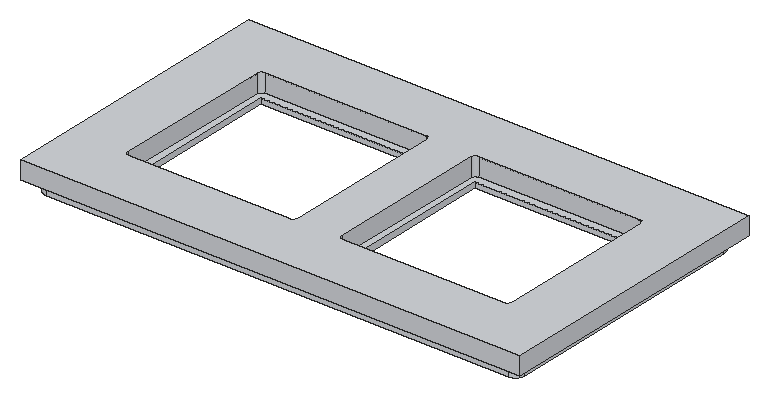
Revit family "Gira_021217", category Electrical Fixtures, host Face, Revit 2017
Family settings
  Host = Face
  Maintain Annotation Orientation = No
  Round Connector Dimension = Use Diameter
  Part Type = Normal
  Cut with Voids When Loaded = No
  Shared = No
  Room Calculation Point = No
Parameters (values of type "Abdeckrahmen 2f Gira Esprit Aluminium")
  Werkstoffgüte = "aluminium"
  Werkstoff = "Metall"
  URL = "http://katalog.gira.de/de_DE/datenblatt.html?artikelnr=021217"
  Transparent = "No"
  Textfeld/Beschriftungsfläche = "No"
  Schutzart (IP) = "IP20"
  Region = "DE"
  Oberfläche = "sonstige"
  Name = "Abdeckrahmen 2f Gira Esprit Aluminium"
  Montagerichtung = "horizontal und vertikal"
  Mit Montagerahmen = "No"
  Mit Klappdeckel = "No"
  Manufacturer URL = "https://www.gira.de/"
  Keynote = "Espr._Rahmen_2fach"
  HeinzeBIM = "https://bimportal.heinze.de/bim/abdeckrahmen-2f-gira-esprit-aluminium/00f9ca7809b636a745691270ea4f8becc280146c"
  Halogenfrei = "No"
  HAN = "021217"
  Geeignet für Unterputz-Installation = "Yes"
  Geeignet für Unterflurkanaldose = "No"
  Geeignet für Geräteeinbaukanal = "No"
  Geeignet für Einbauinstallation = "No"
  GTIN = "4010337212171"
  Farbe = "aluminium"
  Default Elevation = 1219.2 mm
  Data sheet (1) = "https://katalog.gira.de/de_DE/download.html?artikelnr=021217"
  Category = "Abdeckrahmen"
  Befestigungsart = "Klemmbefestigung"
  Available = "Yes"
  Anzahl der Einheiten vertikal = "2 "
  Anzahl der Einheiten horizontal = "2 "
  Anzahl der Einheiten = "2 "
Reference planes
  plane 1 "Center (Front/Back)": y = 0
  plane 2: z = 0
  plane 3 "Center (Left/Right)": x = 0
Forms (mm)
  Extrusion 1, solid, detail levels fine
    sketch origin (0, 0, 0) x (1, 0, 0) y (0, 1, 0)
      loop
        line (-83, 47.5) -> (-83, -47.5) -> (83, -47.5) -> (83, 47.5) -> (-83, 47.5)
      loop
        arc (-63.75, -26.7) -> (-63.311, -27.761) -> (-62.25, -28.2) r 1.5
        line (-62.25, -28.2) -> (-8.85, -28.2)
        arc (-8.85, -28.2) -> (-7.789, -27.761) -> (-7.35, -26.7) r 1.5
        line (-7.35, -26.7) -> (-7.35, 26.7)
        arc (-7.35, 26.7) -> (-7.789, 27.761) -> (-8.85, 28.2) r 1.5
        line (-8.85, 28.2) -> (-62.25, 28.2)
        arc (-62.25, 28.2) -> (-63.311, 27.761) -> (-63.75, 26.7) r 1.5
        line (-63.75, 26.7) -> (-63.75, -26.7)
      loop
        line (63.75, -26.7) -> (63.75, 26.7)
        arc (63.75, 26.7) -> (63.311, 27.761) -> (62.25, 28.2) r 1.5
        line (62.25, 28.2) -> (8.85, 28.2)
        arc (8.85, 28.2) -> (7.789, 27.761) -> (7.35, 26.7) r 1.5
        line (7.35, 26.7) -> (7.35, -26.7)
        arc (7.35, -26.7) -> (7.789, -27.761) -> (8.85, -28.2) r 1.5
        line (8.85, -28.2) -> (62.25, -28.2)
        arc (62.25, -28.2) -> (63.311, -27.761) -> (63.75, -26.7) r 1.5
    from 0 to 6
  Extrusion 2, solid, detail levels fine
    sketch origin (0, 0, 0) x (1, 0, 0) y (0, 1, 0)
      loop
        line (-61.45, -25.7) -> (-9.65, -25.7) -> (-9.65, 25.7) -> (-61.45, 25.7) -> (-61.45, -25.7)
      loop
        line (61.45, 25.7) -> (9.65, 25.7) -> (9.65, -25.7) -> (61.45, -25.7) -> (61.45, 25.7)
      loop
        arc (-78.454, -41.3) -> (-77.927, -42.573) -> (-76.654, -43.1) r 1.8
        line (-76.654, -43.1) -> (76.654, -43.1)
        arc (76.654, -43.1) -> (77.927, -42.573) -> (78.454, -41.3) r 1.8
        line (78.454, -41.3) -> (78.454, 41.3)
        arc (78.454, 41.3) -> (77.927, 42.573) -> (76.654, 43.1) r 1.8
        line (76.654, 43.1) -> (-76.654, 43.1)
        arc (-76.654, 43.1) -> (-77.927, 42.573) -> (-78.454, 41.3) r 1.8
        line (-78.454, 41.3) -> (-78.454, -41.3)
    from -1.9 to 0
  Extrusion 3, solid, detail levels fine
    sketch origin (0, 0, 0) x (1, 0, 0) y (0, 1, 0)
      loop
        arc (-76.75, 44.4) -> (-78.871, 43.521) -> (-79.75, 41.4) r 3
        line (-79.75, 41.4) -> (-79.75, -41.4)
        arc (-79.75, -41.4) -> (-78.871, -43.521) -> (-76.75, -44.4) r 3
        line (-76.75, -44.4) -> (76.75, -44.4)
        arc (76.75, -44.4) -> (78.871, -43.521) -> (79.75, -41.4) r 3
        line (79.75, -41.4) -> (79.75, 41.4)
        arc (79.75, 41.4) -> (78.871, 43.521) -> (76.75, 44.4) r 3
        line (76.75, 44.4) -> (-76.75, 44.4)
      loop
        arc (-78.55, -41.4) -> (-78.023, -42.673) -> (-76.75, -43.2) r 1.8
        line (-76.75, -43.2) -> (76.75, -43.2)
        arc (76.75, -43.2) -> (78.023, -42.673) -> (78.55, -41.4) r 1.8
        line (78.55, -41.4) -> (78.55, 41.4)
        arc (78.55, 41.4) -> (78.023, 42.673) -> (76.75, 43.2) r 1.8
        line (76.75, 43.2) -> (-76.75, 43.2)
        arc (-76.75, 43.2) -> (-78.023, 42.673) -> (-78.55, 41.4) r 1.8
        line (-78.55, 41.4) -> (-78.55, -41.4)
    from -3.7 to 0
  Extrusion 4, solid, detail levels medium
    sketch origin (0, 0, 0) x (1, 0, 0) y (0, 1, 0)
      loop
        line (-83, 47.5) -> (-83, -47.5) -> (83, -47.5) -> (83, 47.5) -> (-83, 47.5)
    from 0 to 6
  Extrusion 5, solid, detail levels medium
    sketch origin (0, 0, 0) x (1, 0, 0) y (0, 1, 0)
      loop
        line (-79.75, 44.4) -> (-79.75, -44.4) -> (79.75, -44.4) -> (79.75, 44.4) -> (-79.75, 44.4)
    from -3.7 to 0
  Extrusion 6, solid, detail levels coarse
    sketch origin (0, 0, 0) x (1, 0, 0) y (0, 1, 0)
      loop
        line (-83, 47.5) -> (-83, -47.5) -> (83, -47.5) -> (83, 47.5) -> (-83, 47.5)
    from -3.7 to 6
Dimensions and locks
  aligned and locked: plane 2 to host face
  aligned and locked: level to host face
